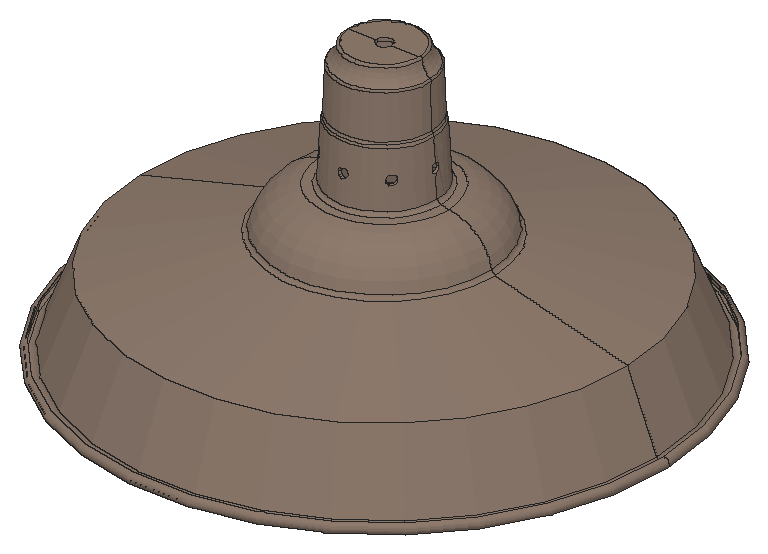
Revit family "VW518", category Generic Models, Revit 2017
Family settings
  Can host rebar = No
  Round Connector Dimension = Use Diameter
  Part Type = Normal
  Work Plane-Based = No
  Always vertical = Yes
  Cut with Voids When Loaded = No
  Shared = No
  Room Calculation Point = No
Parameters
  VW518 = ARCH. BRNZ.
Reference planes (in)
  plane 1 "Center (Front/Back)": y = 0
  plane 2: z = 0
  plane 3 "Center (Left/Right)": x = 0
Forms (in)
  Revolve 1, solid, material "ARCH. BRNZ." <- "VW518"
    sketch origin (0, 0, 0) x (1, 0, 0) y (0, 0, 1)
      loop
        arc (-1.41646, 15.16593) -> (-1.21499, 15.39703) -> (-1.11629, 15.6873) r 0.79263
        line (-1.11629, 15.6873) -> (-0.25, 15.6873) -> (-0.25, 15.7673) -> (-1.11675, 15.7673)
        arc (-1.11675, 15.7673) -> (-1.16656, 15.75242) -> (-1.19425, 15.70843) r 0.0739
        arc (-1.19425, 15.70843) -> (-1.28027, 15.44407) -> (-1.46089, 15.23274) r 0.71263
        arc (-1.46089, 15.23274) -> (-1.48473, 15.20321) -> (-1.49645, 15.16712) r 0.10449
        line (-1.49645, 15.16712) -> (-1.53099, 13.79395)
        arc (-1.53099, 13.79395) -> (-1.53857, 13.74889) -> (-1.5557, 13.70653) r 0.21046
        arc (-1.5557, 13.70653) -> (-1.57373, 13.66509) -> (-1.58953, 13.62275) r 0.85265
        line (-1.58953, 13.62275) -> (-1.68202, 11.88188)
        arc (-1.68202, 11.88188) -> (-1.71942, 11.80153) -> (-1.79977, 11.76413) r 0.12931
        line (-1.79977, 11.76413) -> (-2.0773, 11.7305)
        arc (-2.0773, 11.7305) -> (-2.94548, 11.31376) -> (-3.42289, 10.4774) r 1.61741
        arc (-3.42289, 10.4774) -> (-3.46911, 10.39775) -> (-3.55434, 10.36288) r 0.14278
        arc (-3.55434, 10.36288) -> (-5.69073, 9.90188) -> (-7.77928, 9.25796) r 25.26302
        line (-7.77928, 9.25796) -> (-8.68756, 6.97885)
        arc (-8.68756, 6.97885) -> (-8.77557, 6.86662) -> (-8.91016, 6.81941) r 0.25435
        arc (-8.91016, 6.81941) -> (-8.99871, 6.89461) -> (-8.91882, 6.97897) r 0.08001
        line (-8.91882, 6.97897) -> (-8.91882, 7.05897)
        arc (-8.91882, 7.05897) -> (-9.07866, 6.8915) -> (-8.90393, 6.73963) r 0.16001
        arc (-8.90393, 6.73963) -> (-8.72815, 6.80218) -> (-8.61327, 6.94918) r 0.33435
        line (-8.61327, 6.94918) -> (-7.71837, 9.19471)
        arc (-7.71837, 9.19471) -> (-5.65488, 9.82856) -> (-3.54469, 10.28337) r 25.18302
        arc (-3.54469, 10.28337) -> (-3.41505, 10.33875) -> (-3.34461, 10.46087) r 0.22278
        arc (-3.34461, 10.46087) -> (-2.89107, 11.25511) -> (-2.06668, 11.6512) r 1.53741
        line (-2.06668, 11.6512) -> (-1.79136, 11.68456)
        arc (-1.79136, 11.68456) -> (-1.66179, 11.74603) -> (-1.60219, 11.87648) r 0.20931
        line (-1.60219, 11.87648) -> (-1.51025, 13.60706)
        arc (-1.51025, 13.60706) -> (-1.49787, 13.63925) -> (-1.48406, 13.67086) r 0.77265
        arc (-1.48406, 13.67086) -> (-1.46106, 13.72901) -> (-1.45104, 13.79073) r 0.29046
        line (-1.45104, 13.79073) -> (-1.41646, 15.16593)
      axis (0, 15.7673) -> (0, 6.73963)
    angle from 0 to 360
  Extrusion 2, void
    sketch origin (0, 0, 0) x (1, 0, 0) y (0, 0, 1)
      loop
        circle (0, 12.75231) r 0.15742
    from 1.51582 to 1.67223
  Extrusion 3, void
    sketch origin (0, 0, 0) x (1, 0, 0) y (0, 0, -1)
      loop
        circle (0, -12.75231) r 0.15742
    from 1.51582 to 1.67223
  Extrusion 4, void
    sketch origin (0, 0, 0) x (0.707107, -0.707107, 0) y (0, 0, 1)
      loop
        circle (0, 12.75231) r 0.15742
    from 1.51582 to 1.67223
  Extrusion 5, void
    sketch origin (0, 0, 0) x (0.707107, -0.707107, 0) y (0, 0, -1)
      loop
        circle (0, -12.75231) r 0.15742
    from 1.51582 to 1.67223
  Extrusion 6, void
    sketch origin (0, 0, 0) x (0, -1, 0) y (0, 0, 1)
      loop
        circle (0, 12.75231) r 0.15742
    from 1.51582 to 1.67223
  Extrusion 7, void
    sketch origin (0, 0, 0) x (0, -1, 0) y (0, 0, -1)
      loop
        circle (0, -12.75231) r 0.15742
    from 1.51582 to 1.67223
  Extrusion 8, void
    sketch origin (0, 0, 0) x (-0.707107, -0.707107, 0) y (0, 0, 1)
      loop
        circle (0, 12.75231) r 0.15742
    from 1.51582 to 1.67223
  Extrusion 9, void
    sketch origin (0, 0, 0) x (-0.707107, -0.707107, 0) y (0, 0, -1)
      loop
        circle (0, -12.75231) r 0.15742
    from 1.51582 to 1.67223
Cuts and joins
  Extrusion 2, Extrusion 3, Extrusion 4, Extrusion 5, Extrusion 6, Extrusion 7, Extrusion 8, Extrusion 9 cuts Revolve 1
Dimensions and locks (in)
  aligned and locked: plane 2 to level
